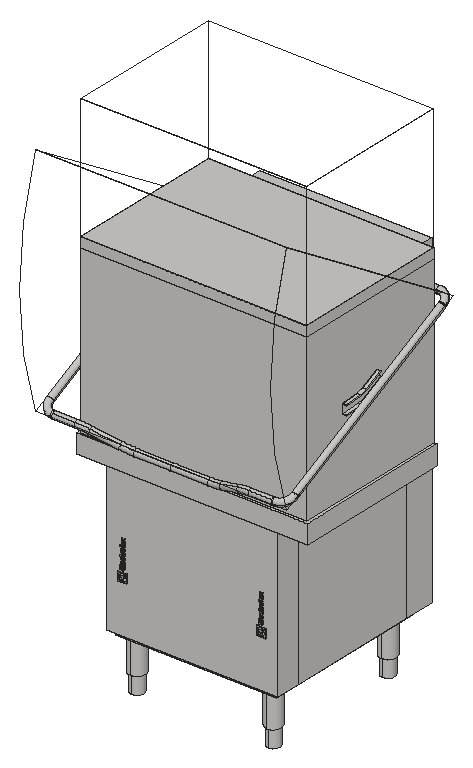
Revit family "QF_ELECTROLUXPROFESSIONAL_520517_EHT60XL", category Specialty Equipment, Revit 2018
Family settings
  Round Connector Dimension = Use Diameter
  Part Type = Normal
  Work Plane-Based = No
  Always vertical = Yes
  Cut with Voids When Loaded = No
  Shared = Yes
  Room Calculation Point = No
Parameters (values of type "Standard")
  Weight = 135.00 kg
  Watts = 0 W
  Volts = 380 V
  URL Manufacturer = "http://professional.electrolux.com"
  URL = "http://professional.electrolux.com"
  Steam Supply Size = 0"
  Steam Supply Minimum Pressure = 0.00 psi
  Steam Supply Maximum Pressure = 0.00 psi
  Steam Pounds per Hour = 0
  Show Logo [instance] = yes
  Refrigeration Suction Line Size = 0"
  Refrigeration Liquid Line Size = 0"
  Refrigerant Compressor Remote = yes
  Phase = 3
  Model = "EHT60XL"
  Manufacturer = "Electrolux Professional"
  Length Actual = 990 mm  # constant formula
  Item Number = "520517"
  Hot Water Size = 3/4"
  Height Actual = 1567 mm  # constant formula
  HP = "13.3 HP"
  Gas Size = 0"
  Gas KW = 0
  Gas Input Pressure = 0.0 Btu/h
  Direct Waste Size = 0.80709"
  Description = "HOOD TYPE XL DISHWASHER, 60R/H,KFC"
  Depth Actual = 988 mm  # constant formula
  Cycle = 50 Hz
  Condensate Return Size = 0"
  Compressed Air Volume = 0 GPM
  Compressed Air Size = 0"
  Compressed Air Pressure = 0.00 psi
  Cold Water Size = 3/4"
  Assembly Code = ""
  Show Clearance [instance] = yes
  Accessory = yes
Types (2, lengths in mm): name | URL | Phase | Model | Manufacturer | Hot Water Size | Description | Cold Water Size
  (no name) | 0 | 0 | 0 | 0 | 0" | 0 | 0"
  Standard | "http://professional.electrolux.com" | 3 | "EHT60XL" | "Electrolux Professional" | 3/4" | "HOOD TYPE XL DISHWASHER, 60R/H,KFC" | 3/4"
Values of the unnamed type that differ from the named types
  Volts = 0 V
  URL Manufacturer = ""
  Item Number = ""
  Cycle = 0 Hz
Reference planes
  plane 1 "BACK": y = -5
  plane 2: z = 0
  plane 3: x = -79
  plane 4: x = 831
  plane 5: y = -763
  plane 6 "TOP": z = 1567
  plane 7 "Center Y": x = 376
  plane 8: z = 200
  plane 9: z = 875
  plane 10: x = 107
  plane 11: x = 645
  plane 12: z = 1567
  plane 13: y = -697
  plane 14: y = -384
  plane 15: y = -132
  plane 16: z = 800
  plane 17: x = 38
  plane 18: x = 714
  plane 19: z = 220
  plane 20: z = 1510
  plane 21: x = -69
  plane 22: x = 821
  plane 23: z = 1527
  plane 24 "maniglia": z = 1400
  plane 25 "LEFT": x = -119
  plane 26 "RIGHT": x = 871
  plane 27: z = 1006
  plane 28: y = -91
  plane 29 "maniglia1": through (0, -91, 1400) normal (0, 0.4379, -0.899)
  plane 30: z = 2057
  plane 31 "FRONT": y = -993
Forms (mm)
  Revolve 1, solid, material "QF_Finishes_Stainless Steel"
    sketch origin (107, 65.912, 0) x (0, 1, 0) y (0, 0, 1)
      loop
        line (-762.913, 0) -> (-737.513, 0) -> (-737.513, 69.951) -> (-731.163, 69.951) -> (-731.163, 200) -> (-762.913, 200) -> (-762.913, 0)
      axis (-762.913, 200) -> (-762.913, 0)
    angle from 0 to 360
  Revolve 2, solid, material "QF_Finishes_Stainless Steel"
    sketch origin (107, 627.062, 0) x (0, 1, 0) y (0, 0, 1)
      loop
        line (-759.062, 0) -> (-733.662, 0) -> (-733.662, 69.951) -> (-727.312, 69.951) -> (-727.312, 200) -> (-759.062, 200) -> (-759.062, 0)
      axis (-759.062, 200) -> (-759.062, 0)
    angle from 0 to 360
  Extrusion 3, solid, material "QF_Finishes_Stainless Steel"
    sketch origin (131.25, 5, 220) x (0, -1, 0) y (-1, 0, 0)
      loop
        circle (41, -431.75) r 10.25
    from 5.4 to 0
  Extrusion 4, solid, material "QF_Finishes_Stainless Steel"
    sketch origin (121, 0, 220) x (0, -1, 0) y (-1, 0, 0)
      loop
        circle (36, -495) r 9.525
    from 0 to 5.4
  Extrusion 5, solid, material "QF_Finishes_Stainless Steel"
    sketch origin (4, -1, 196.8) x (0, -1, 0) y (-1, 0, 0)
      loop
        circle (363, -655) r 12.7
    from 2.197 to -3.2
  Revolve 6, solid, material "QF_Finishes_Stainless Steel"
    sketch origin (645, 65.912, 0) x (0, 1, 0) y (0, 0, -1)
      loop
        line (-762.912, 0) -> (-762.912, -200) -> (-731.162, -200) -> (-731.162, -69.951) -> (-737.512, -69.951) -> (-737.512, 0) -> (-762.912, 0)
      axis (-762.912, -200) -> (-762.912, 0)
    angle from 0 to 360
  Revolve 7, solid, material "QF_Finishes_Stainless Steel"
    sketch origin (645, 627.062, 0) x (0, 1, 0) y (0, 0, -1)
      loop
        line (-759.062, 0) -> (-759.062, -200) -> (-727.312, -200) -> (-727.312, -69.951) -> (-733.662, -69.951) -> (-733.662, 0) -> (-759.062, 0)
      axis (-759.062, -200) -> (-759.062, 0)
    angle from 0 to 360
  Extrusion 8, solid, material "QF_Finishes_Stainless Steel"
    sketch origin (0, 0, 0) x (1, 0, 0) y (0, 1, 0)
      loop
        line (58, -71) -> (58, -743) -> (694, -743) -> (694, -71) -> (58, -71)
    from 200 to 220
  Extrusion 9, solid, material "QF_Finishes_Stainless Steel"
    sketch origin (0, 0, 0) x (1, 0, 0) y (0, 1, 0)
      loop
        line (38, -763) -> (714, -763) -> (714, -663) -> (38, -663) -> (38, -763)
    from 220 to 800
  Extrusion 10, solid, material "QF_Finishes_Stainless Steel"
    sketch origin (0, 0, 0) x (1, 0, 0) y (0, 1, 0)
      loop
        line (38, -663) -> (714, -663) -> (714, -125) -> (38, -125) -> (38, -663)
    from 220 to 800
  Extrusion 11, solid, material "QF_Finishes_Stainless Steel"
    sketch origin (0, 0, 0) x (1, 0, 0) y (0, 1, 0)
      loop
        line (38, -5) -> (38, -125) -> (714, -125) -> (714, -5) -> (38, -5)
    from 220 to 1510
  Extrusion 12, solid, material "QF_Finishes_Stainless Steel"
    sketch origin (0, 0, 0) x (1, 0, 0) y (0, 1, 0)
      loop
        line (-79, -763) -> (831, -763) -> (831, -125) -> (-79, -125) -> (-79, -763)
    from 800 to 875
  Extrusion 13, solid, material "QF_Finishes_Stainless Steel"
    sketch origin (0, 0, 0) x (1, 0, 0) y (0, 1, 0)
      loop
        line (-69, -753) -> (821, -753) -> (821, -125) -> (-69, -125) -> (-69, -753)
    from 875 to 1527
  Extrusion 14, solid, material "QF_Finishes_Stainless Steel"
    sketch origin (0, 0, 0) x (1, 0, 0) y (0, 1, 0)
      loop
        line (-69, -753) -> (821, -753) -> (821, -125) -> (-69, -125) -> (-69, -753)
    from 1527 to 1567
  Sweep 15, solid, material "QF_Finishes_Stainless Steel"
    path origin (0, -9.187, 1439.845) x (-1, 0, 0) y (0, -0.899046, -0.437854)
      loop
        line (-714, 91) -> (-813.5, 91)
        arc (-813.5, 91) -> (-845.32, 104.18) -> (-858.5, 136) r 45
        line (-858.5, 136) -> (-858.5, 141)
    profile origin (763.75, -91, 1400) x (0, 0.899046, 0.437854) y (0, -0.437854, 0.899046)
      loop
        circle (0, 0) r 12.5
  Sweep 16, solid, material "QF_Finishes_Stainless Steel"
    path origin (0, -568.558, 1167.419) x (0, 0.899046, 0.437854) y (1, 0, 0)
      loop
        line (481.183, 858.5) -> (-323.66, 858.5)
        arc (-323.66, 858.5) -> (-355.48, 845.32) -> (-368.66, 813.5) r 45
        line (-368.66, 813.5) -> (-368.66, 808.5)
    profile origin (858.5, -135.952, 1378.107) x (-1, 0, 0) y (0, 0.437854, -0.899046)
      loop
        circle (0, 0) r 12.5
  Sweep 17, solid, material "QF_Finishes_Stainless Steel"
    path origin (0, -240.005, 246.762) x (0, -0.656059, 0.75471) y (1, 0, 0)
      loop
        line (1006, 808.5) -> (1006, 719.479)
        arc (1006, 719.479) -> (1003.163, 694.657) -> (994.798, 671.116) r 110
        line (994.798, 671.116) -> (948.73, 577.005)
        arc (948.73, 577.005) -> (939.224, 550.253) -> (936, 522.047) r 125
        line (936, 522.047) -> (936, 376)
    profile origin (763.989, -900, 1006) x (0, -0.656059, 0.75471) y (0, 0.75471, 0.656059)
      loop
        circle (0, 0) r 12.5
  Sweep 18, solid, material "QF_Finishes_Stainless Steel"
    path origin (752, -9.187, 1439.845) x (1, 0, 0) y (0, 0.899046, 0.437854)
      loop
        line (-714, -91) -> (-813.5, -91)
        arc (-813.5, -91) -> (-845.32, -104.18) -> (-858.5, -136) r 45
        line (-858.5, -136) -> (-858.5, -141)
    profile origin (-11.75, -91, 1400) x (0, -0.899046, -0.437854) y (0, -0.437854, 0.899046)
      loop
        circle (0, 0) r 12.5
  Sweep 19, solid, material "QF_Finishes_Stainless Steel"
    path origin (752, -568.558, 1167.419) x (0, 0.899046, 0.437854) y (-1, 0, 0)
      loop
        line (481.183, 858.5) -> (-323.66, 858.5)
        arc (-323.66, 858.5) -> (-355.48, 845.32) -> (-368.66, 813.5) r 45
        line (-368.66, 813.5) -> (-368.66, 808.5)
    profile origin (-106.5, -135.952, 1378.107) x (-1, 0, 0) y (0, 0.437854, -0.899046)
      loop
        circle (0, 0) r 12.5
  Sweep 20, solid, material "QF_Finishes_Stainless Steel"
    path origin (752, -240.005, 246.762) x (0, -0.656059, 0.75471) y (1, 0, 0)
      loop
        line (1006, -808.5) -> (1006, -719.479)
        arc (1006, -719.479) -> (1003.163, -694.657) -> (994.798, -671.116) r 110
        line (994.798, -671.116) -> (948.73, -577.005)
        arc (948.73, -577.005) -> (939.224, -550.253) -> (936, -522.047) r 125
        line (936, -522.047) -> (936, -376)
    profile origin (-11.989, -900, 1006) x (0, 0.656059, -0.75471) y (0, 0.75471, 0.656059)
      loop
        circle (0, 0) r 12.5
  Sweep 21, solid, material "QF_Finishes_Stainless Steel"
    path origin (821, -753, -2.5) x (0, 1, 0) y (0, 0, 1)
      loop
        line (348.342, 1247.242) -> (279.509, 1213.719)
        arc (279.509, 1213.719) -> (262.474, 1207.358) -> (244.539, 1204.36) r 95
        line (244.539, 1204.36) -> (173.152, 1199.368)
    profile origin (821, -439.075, 1227.98) x (0, 0.437854, -0.899046) y (1, 0, 0)
      loop
        line (0, 0) -> (20, 0) -> (20, 20) -> (17, 20) -> (17, 3) -> (0, 3) -> (-17, 3) -> (-17, 20) -> (-20, 20) -> (-20, 0) -> (0, 0)
  Sweep 22, solid, material "QF_Finishes_Stainless Steel"
    path origin (-69, -753, -2.5) x (0, 1, 0) y (0, 0, -1)
      loop
        line (348.342, -1247.242) -> (279.509, -1213.719)
        arc (279.509, -1213.719) -> (262.474, -1207.358) -> (244.539, -1204.36) r 95
        line (244.539, -1204.36) -> (173.152, -1199.368)
    profile origin (-69, -439.075, 1227.98) x (0, -0.437854, 0.899046) y (-1, 0, 0)
      loop
        line (0, 0) -> (20, 0) -> (20, 20) -> (17, 20) -> (17, 3) -> (0, 3) -> (-17, 3) -> (-17, 20) -> (-20, 20) -> (-20, 0) -> (0, 0)
  Extrusion 23, solid, material "QF_Finishes_Door Clearance"
    sketch origin (0, 0, 440) x (1, 0, 0) y (0, 1, 0)
      loop
        line (-69, -753) -> (821, -753) -> (821, -125) -> (-69, -125) -> (-69, -753)
    from 1127 to 1577
  Extrusion 24, solid, material "QF_Finishes_Door Clearance"
    sketch origin (0, 0, 490) x (1, 0, 0) y (0, 1, 0)
      loop
        line (-69, -753) -> (821, -753) -> (821, -125) -> (-69, -125) -> (-69, -753)
    from 1527 to 1567
  Extrusion 25, solid, material "QF_Finishes_Door Clearance"
    sketch origin (821, -753, 0) x (0, 1, 0) y (0, 0, 1)
      loop
        line (662, 1400) -> (-159.6, 1929)
        arc (-159.6, 1929) -> (-240.108, 1464.432) -> (-159.6, 999.863) r 1380.647
        line (-159.6, 999.863) -> (662, 1400)
    from -940 to 50
Cuts and joins
  joined: Sweep 15, Sweep 16, Sweep 17, Sweep 18, Sweep 19, Sweep 20
  joined: Extrusion 23, Extrusion 24
Lines and regions (mm)
  Split face 1
    outline origin (-79, -763, 0) x (1, 0, 0) y (0, 0, 1)
      loop
        line (157, 789.087) -> (157, 229.087) -> (207, 229.087) -> (207, 789.087) -> (157, 789.087)
  Split face 2
    outline origin (831, -763, 0) x (-1, 0, 0) y (0, 0, -1)
      loop
        line (157, -789.087) -> (207, -789.087) -> (207, -229.087) -> (157, -229.087) -> (157, -789.087)
  Split face 3
    outline origin (-79, -763, 0) x (1, 0, 0) y (0, 0, 1)
      loop
        arc (174, 784.144) -> (172.586, 783.558) -> (172, 782.144) r 2
        line (172, 782.144) -> (172, 766.144)
        arc (172, 766.144) -> (172.586, 764.73) -> (174, 764.144) r 2
        line (174, 764.144) -> (182, 764.144)
        arc (182, 764.144) -> (189.071, 767.073) -> (192, 774.144) r 10
        line (192, 774.144) -> (192, 782.144)
        arc (192, 782.144) -> (191.414, 783.558) -> (190, 784.144) r 2
        line (190, 784.144) -> (174, 784.144)
  Split face 4
    outline origin (467, -763, 0) x (1, 0, 0) y (0, 0, 1)
      loop
        arc (174, 784.144) -> (172.586, 783.558) -> (172, 782.144) r 2
        line (172, 782.144) -> (172, 766.144)
        arc (172, 766.144) -> (172.586, 764.73) -> (174, 764.144) r 2
        line (174, 764.144) -> (182, 764.144)
        arc (182, 764.144) -> (189.071, 767.073) -> (192, 774.144) r 10
        line (192, 774.144) -> (192, 782.144)
        arc (192, 782.144) -> (191.414, 783.558) -> (190, 784.144) r 2
        line (190, 784.144) -> (174, 784.144)
  Split face 5
    outline origin (-79, -763, 0) x (1, 0, 0) y (0, 0, 1)
      loop
        arc (164, 707.109) -> (162.586, 706.524) -> (162, 705.109) r 2
        line (162, 705.109) -> (162, 689.109)
        arc (162, 689.109) -> (162.586, 687.695) -> (164, 687.109) r 2
        line (164, 687.109) -> (200, 687.109)
        arc (200, 687.109) -> (201.414, 687.695) -> (202, 689.109) r 2
        line (202, 689.109) -> (202, 705.109)
        arc (202, 705.109) -> (201.414, 706.524) -> (200, 707.109) r 2
        line (200, 707.109) -> (164, 707.109)
  Split face 6
    outline origin (831, -763, 0) x (-1, 0, 0) y (0, 0, -1)
      loop
        line (164, -707.109) -> (200, -707.109)
        arc (200, -707.109) -> (201.414, -706.524) -> (202, -705.109) r 2
        line (202, -705.109) -> (202, -689.109)
        arc (202, -689.109) -> (201.414, -687.695) -> (200, -687.109) r 2
        line (200, -687.109) -> (164, -687.109)
        arc (164, -687.109) -> (162.586, -687.695) -> (162, -689.109) r 2
        line (162, -689.109) -> (162, -705.109)
        arc (162, -705.109) -> (162.586, -706.524) -> (164, -707.109) r 2
  Split face 7
    outline origin (-91.5, -763, -113.75) x (1, 0, 0) y (0, 0, 1)
      loop
        arc (174, 784.144) -> (172.586, 783.558) -> (172, 782.144) r 2
        line (172, 782.144) -> (172, 766.144)
        arc (172, 766.144) -> (172.586, 764.73) -> (174, 764.144) r 2
        line (174, 764.144) -> (182, 764.144)
        arc (182, 764.144) -> (189.071, 767.073) -> (192, 774.144) r 10
        line (192, 774.144) -> (192, 782.144)
        arc (192, 782.144) -> (191.414, 783.558) -> (190, 784.144) r 2
        line (190, 784.144) -> (174, 784.144)
  Split face 8
    outline origin (-66.5, -763, -113.75) x (1, 0, 0) y (0, 0, 1)
      loop
        arc (174, 784.144) -> (172.586, 783.558) -> (172, 782.144) r 2
        line (172, 782.144) -> (172, 766.144)
        arc (172, 766.144) -> (172.586, 764.73) -> (174, 764.144) r 2
        line (174, 764.144) -> (182, 764.144)
        arc (182, 764.144) -> (189.071, 767.073) -> (192, 774.144) r 10
        line (192, 774.144) -> (192, 782.144)
        arc (192, 782.144) -> (191.414, 783.558) -> (190, 784.144) r 2
        line (190, 784.144) -> (174, 784.144)
  Split face 9
    outline origin (-91.5, -763, -138.75) x (1, 0, 0) y (0, 0, 1)
      loop
        arc (174, 784.144) -> (172.586, 783.558) -> (172, 782.144) r 2
        line (172, 782.144) -> (172, 766.144)
        arc (172, 766.144) -> (172.586, 764.73) -> (174, 764.144) r 2
        line (174, 764.144) -> (182, 764.144)
        arc (182, 764.144) -> (189.071, 767.073) -> (192, 774.144) r 10
        line (192, 774.144) -> (192, 782.144)
        arc (192, 782.144) -> (191.414, 783.558) -> (190, 784.144) r 2
        line (190, 784.144) -> (174, 784.144)
  Split face 10
    outline origin (-66.5, -763, -138.75) x (1, 0, 0) y (0, 0, 1)
      loop
        arc (174, 784.144) -> (172.586, 783.558) -> (172, 782.144) r 2
        line (172, 782.144) -> (172, 766.144)
        arc (172, 766.144) -> (172.586, 764.73) -> (174, 764.144) r 2
        line (174, 764.144) -> (182, 764.144)
        arc (182, 764.144) -> (189.071, 767.073) -> (192, 774.144) r 10
        line (192, 774.144) -> (192, 782.144)
        arc (192, 782.144) -> (191.414, 783.558) -> (190, 784.144) r 2
        line (190, 784.144) -> (174, 784.144)
  Split face 11
    outline origin (-91.5, -763, -163.75) x (1, 0, 0) y (0, 0, 1)
      loop
        arc (174, 784.144) -> (172.586, 783.558) -> (172, 782.144) r 2
        line (172, 782.144) -> (172, 766.144)
        arc (172, 766.144) -> (172.586, 764.73) -> (174, 764.144) r 2
        line (174, 764.144) -> (182, 764.144)
        arc (182, 764.144) -> (189.071, 767.073) -> (192, 774.144) r 10
        line (192, 774.144) -> (192, 782.144)
        arc (192, 782.144) -> (191.414, 783.558) -> (190, 784.144) r 2
        line (190, 784.144) -> (174, 784.144)
  Split face 12
    outline origin (-66.5, -763, -163.75) x (1, 0, 0) y (0, 0, 1)
      loop
        arc (174, 784.144) -> (172.586, 783.558) -> (172, 782.144) r 2
        line (172, 782.144) -> (172, 766.144)
        arc (172, 766.144) -> (172.586, 764.73) -> (174, 764.144) r 2
        line (174, 764.144) -> (182, 764.144)
        arc (182, 764.144) -> (189.071, 767.073) -> (192, 774.144) r 10
        line (192, 774.144) -> (192, 782.144)
        arc (192, 782.144) -> (191.414, 783.558) -> (190, 784.144) r 2
        line (190, 784.144) -> (174, 784.144)
  Split face 13
    outline origin (454.5, -763, -113.75) x (1, 0, 0) y (0, 0, 1)
      loop
        arc (174, 784.144) -> (172.586, 783.558) -> (172, 782.144) r 2
        line (172, 782.144) -> (172, 766.144)
        arc (172, 766.144) -> (172.586, 764.73) -> (174, 764.144) r 2
        line (174, 764.144) -> (182, 764.144)
        arc (182, 764.144) -> (189.071, 767.073) -> (192, 774.144) r 10
        line (192, 774.144) -> (192, 782.144)
        arc (192, 782.144) -> (191.414, 783.558) -> (190, 784.144) r 2
        line (190, 784.144) -> (174, 784.144)
  Split face 14
    outline origin (479.5, -763, -113.75) x (1, 0, 0) y (0, 0, 1)
      loop
        arc (174, 784.144) -> (172.586, 783.558) -> (172, 782.144) r 2
        line (172, 782.144) -> (172, 766.144)
        arc (172, 766.144) -> (172.586, 764.73) -> (174, 764.144) r 2
        line (174, 764.144) -> (182, 764.144)
        arc (182, 764.144) -> (189.071, 767.073) -> (192, 774.144) r 10
        line (192, 774.144) -> (192, 782.144)
        arc (192, 782.144) -> (191.414, 783.558) -> (190, 784.144) r 2
        line (190, 784.144) -> (174, 784.144)
  Split face 15
    outline origin (454.5, -763, -138.75) x (1, 0, 0) y (0, 0, 1)
      loop
        arc (174, 784.144) -> (172.586, 783.558) -> (172, 782.144) r 2
        line (172, 782.144) -> (172, 766.144)
        arc (172, 766.144) -> (172.586, 764.73) -> (174, 764.144) r 2
        line (174, 764.144) -> (182, 764.144)
        arc (182, 764.144) -> (189.071, 767.073) -> (192, 774.144) r 10
        line (192, 774.144) -> (192, 782.144)
        arc (192, 782.144) -> (191.414, 783.558) -> (190, 784.144) r 2
        line (190, 784.144) -> (174, 784.144)
  Split face 16
    outline origin (479.5, -763, -138.75) x (1, 0, 0) y (0, 0, 1)
      loop
        arc (174, 784.144) -> (172.586, 783.558) -> (172, 782.144) r 2
        line (172, 782.144) -> (172, 766.144)
        arc (172, 766.144) -> (172.586, 764.73) -> (174, 764.144) r 2
        line (174, 764.144) -> (182, 764.144)
        arc (182, 764.144) -> (189.071, 767.073) -> (192, 774.144) r 10
        line (192, 774.144) -> (192, 782.144)
        arc (192, 782.144) -> (191.414, 783.558) -> (190, 784.144) r 2
        line (190, 784.144) -> (174, 784.144)
  Split face 17
    outline origin (454.5, -763, -163.75) x (1, 0, 0) y (0, 0, 1)
      loop
        arc (174, 784.144) -> (172.586, 783.558) -> (172, 782.144) r 2
        line (172, 782.144) -> (172, 766.144)
        arc (172, 766.144) -> (172.586, 764.73) -> (174, 764.144) r 2
        line (174, 764.144) -> (182, 764.144)
        arc (182, 764.144) -> (189.071, 767.073) -> (192, 774.144) r 10
        line (192, 774.144) -> (192, 782.144)
        arc (192, 782.144) -> (191.414, 783.558) -> (190, 784.144) r 2
        line (190, 784.144) -> (174, 784.144)
  Split face 18
    outline origin (479.5, -763, -163.75) x (1, 0, 0) y (0, 0, 1)
      loop
        arc (174, 784.144) -> (172.586, 783.558) -> (172, 782.144) r 2
        line (172, 782.144) -> (172, 766.144)
        arc (172, 766.144) -> (172.586, 764.73) -> (174, 764.144) r 2
        line (174, 764.144) -> (182, 764.144)
        arc (182, 764.144) -> (189.071, 767.073) -> (192, 774.144) r 10
        line (192, 774.144) -> (192, 782.144)
        arc (192, 782.144) -> (191.414, 783.558) -> (190, 784.144) r 2
        line (190, 784.144) -> (174, 784.144)
  symbolic lines
    curve 1: line (38, -5, 0) -> (714, -5, 0)
    curve 2: line (714, -5, 0) -> (714, -125, 0)
    curve 3: line (831, -125, 0) -> (831, -763, 0)
    curve 4: line (831, -763, 0) -> (-79, -763, 0)
    curve 5: line (-79, -763, 0) -> (-79, -125, 0)
    curve 6: line (-79, -125, 0) -> (831, -125, 0)
    curve 7: line (38, -125, 0) -> (38, -5, 0)
    curve 8: line (-69, -125, 0) -> (-69, -753, 0)
    curve 9: line (-69, -753, 0) -> (821, -753, 0)
    curve 10: line (821, -753, 0) -> (821, -125, 0)
    curve 11: line (-69.967, -78.5, 0) -> (38, -78.5, 0)
    curve 12: line (38, -103.5, 0) -> (-67.885, -103.5, 0)
    curve 13: arc (-67.885, -103.5, 0) -> (-85.783, -113.648, 0) -> (-94, -132.51, 0) r 32.5
    curve 14: arc (-119, -131.557, 0) -> (-103.857, -96.367, 0) -> (-69.967, -78.5, 0) r 57.5
    curve 15: line (-119, -862.917, 0) -> (-119, -131.557, 0)
    curve 16: line (-94, -132.51, 0) -> (-94, -860.943, 0)
    curve 17: arc (-94, -860.943, 0) -> (-83.083, -879.781, 0) -> (-62.724, -887.5, 0) r 32.5
    curve 18: arc (-62.948, -912.5, 0) -> (-100.144, -898.075, 0) -> (-119, -862.917, 0) r 57.5
    curve 19: line (33.327, -912.5, 0) -> (-62.948, -912.5, 0)
    curve 20: line (-62.724, -887.5, 0) -> (33.327, -887.5, 0)
    curve 21: line (376, -866.562, 0) -> (227.694, -866.562, 0)
    curve 22: line (227.648, -841.562, 0) -> (376, -841.562, 0)
    curve 23: line (84.061, -904.757, 0) -> (178.933, -874.293, 0)
    curve 24: arc (33.327, -912.5, 0) -> (58.988, -910.553, 0) -> (84.061, -904.757, 0) r 170.084
    curve 25: arc (178.933, -874.293, 0) -> (203.016, -868.553, 0) -> (227.694, -866.562, 0) r 161.488
    curve 26: arc (33.327, -887.5, 0) -> (55.17, -885.846, 0) -> (76.515, -880.923, 0) r 145.084
    curve 27: line (76.515, -880.923, 0) -> (171.29, -850.49, 0)
    curve 28: arc (171.29, -850.49, 0) -> (199.125, -843.858, 0) -> (227.648, -841.562, 0) r 186.488
    curve 29: line (821.967, -78.5, 0) -> (714, -78.5, 0)
    curve 30: line (714, -103.5, 0) -> (819.885, -103.5, 0)
    curve 31: arc (819.885, -103.5, 0) -> (837.783, -113.648, 0) -> (846, -132.51, 0) r 32.5
    curve 32: arc (871, -131.557, 0) -> (855.857, -96.367, 0) -> (821.967, -78.5, 0) r 57.5
    curve 33: line (871, -862.917, 0) -> (871, -131.557, 0)
    curve 34: line (846, -132.51, 0) -> (846, -860.943, 0)
    curve 35: arc (846, -860.943, 0) -> (835.083, -879.781, 0) -> (814.724, -887.5, 0) r 32.5
    curve 36: arc (814.948, -912.5, 0) -> (852.144, -898.075, 0) -> (871, -862.917, 0) r 57.5
    curve 37: line (718.673, -912.5, 0) -> (814.948, -912.5, 0)
    curve 38: line (814.724, -887.5, 0) -> (718.673, -887.5, 0)
    curve 39: line (376, -866.562, 0) -> (524.306, -866.562, 0)
    curve 40: line (524.352, -841.562, 0) -> (376, -841.562, 0)
    curve 41: line (667.939, -904.757, 0) -> (573.067, -874.293, 0)
    curve 42: arc (718.673, -912.5, 0) -> (693.012, -910.553, 0) -> (667.939, -904.757, 0) r 170.084
    curve 43: arc (573.067, -874.293, 0) -> (548.984, -868.553, 0) -> (524.306, -866.562, 0) r 161.488
    curve 44: arc (718.673, -887.5, 0) -> (696.83, -885.846, 0) -> (675.485, -880.923, 0) r 145.084
    curve 45: line (675.485, -880.923, 0) -> (580.71, -850.49, 0)
    curve 46: arc (580.71, -850.49, 0) -> (552.875, -843.858, 0) -> (524.352, -841.562, 0) r 186.488
  symbolic lines, style "QF-Door Swings"
    curve 47: line (-119, -862.917, 0) -> (-119, -993.108, 0)
    curve 48: line (-119, -993.108, 0) -> (871, -993.108, 0)
    curve 49: line (871, -993.108, 0) -> (871, -862.917, 0)
  symbolic lines, style "SpecialityEquipmentHiddenLines"
    curve 50: line (714, -763, 0) -> (714, -125, 0)
    curve 51: line (38, -125, 0) -> (38, -763, 0)
    curve 52: line (38, -763, 0) -> (714, -763, 0)
Dimensions and locks
  Extrusion 4 sketch curve to plane 1 "BACK" = 31 mm
  locked: plane 9 to level at 875
  Extrusion 3 sketch curve to plane 1 "BACK" = 31 mm
  Extrusion 5 sketch curve to plane 1 "BACK" = 359 mm
  plane 3 to plane 4 = 910 mm  (x2)
  locked: plane 10 to plane 11 at 538
  locked: plane 8 to level at 200
  plane 12 to level = 1567 mm
  equal spacing: plane 5, plane 14, plane 1 "BACK"
  plane 5 to plane 1 "BACK" = 758 mm
  equal spacing: plane 3, plane 7 "Center Y", plane 4
  plane 13 to plane 15 to plane 1 "BACK" = 565 mm, 127 mm
  locked: plane 9 to plane 16 at 75
  locked: plane 3 to plane 17 at 117
  locked: plane 18 to plane 4 at 117
  plane 17 to plane 18 = 676 mm
  locked: plane 19 to plane 8 at 20
  plane 12 to plane 20 = 57 mm
  plane 12 to plane 23 = 40 mm
  plane 22 to plane 21 = 890 mm
  plane 25 "LEFT" to plane 26 "RIGHT" = 990 mm
  plane 30 to level = 2057 mm  (x2)
  plane 31 "FRONT" to plane 1 "BACK" = 988 mm  (x2)
  plane 9 to Extrusion 23 = 692 mm
  plane 9 to level = 875 mm
  aligned and locked: level to plane 2
  aligned and locked: Extrusion 8 to Revolve 1
  aligned and locked: plane 5 to Extrusion 9 sketch curve
  aligned and locked: plane 16 to Extrusion 9
  aligned and locked: Extrusion 9 to plane 19
  aligned and locked: plane 19 to Extrusion 8
  aligned and locked: Extrusion 10 sketch curve to Extrusion 9
  aligned and locked: Extrusion 10 to plane 19
  aligned and locked: plane 16 to Extrusion 10
  aligned and locked: Extrusion 9 sketch curve to plane 18
  aligned and locked: plane 17 to Extrusion 9 sketch curve
  aligned and locked: Extrusion 10 sketch curve to plane 18
  aligned and locked: plane 1 "BACK" to Extrusion 11 sketch curve
  aligned and locked: Extrusion 11 sketch curve to plane 17
  aligned and locked: Extrusion 11 sketch curve to Extrusion 10  (x2)
  aligned and locked: plane 20 to Extrusion 11
  aligned and locked: Extrusion 11 to plane 19
  aligned and locked: plane 5 to Extrusion 12 sketch curve
  aligned and locked: Extrusion 12 sketch curve to plane 3
  aligned and locked: plane 4 to Extrusion 12 sketch curve
  aligned and locked: plane 9 to Extrusion 12
  aligned and locked: Extrusion 12 to plane 16
  aligned and locked: Extrusion 13 sketch curve to plane 21
  aligned and locked: plane 22 to Extrusion 13 sketch curve
  aligned and locked: Extrusion 13 to plane 9
  aligned and locked: plane 23 to Extrusion 13
  aligned and locked: Extrusion 14 sketch curve to Extrusion 13  (x4)
  aligned and locked: plane 6 "TOP" to Extrusion 14
  aligned and locked: Extrusion 14 to plane 23
  aligned and locked: Extrusion 24 sketch curve to Extrusion 23  (x4)
  aligned and locked: Extrusion 23 to Extrusion 24
Automatic sketch dimensions
  plane 7 "Center Y" to Extrusion 3 sketch curve = 187 mm
  plane 7 "Center Y" to Extrusion 4 sketch curve = 240 mm
  Extrusion 5 sketch curve to plane 11 = 14 mm
  Extrusion 10 sketch curve to plane 17 = 0 mm
  Sweep 15 sketch curve to plane 18 = 0 mm
  Sweep 15 sketch curve to plane 22 = 7.5 mm
  Sweep 15 sketch curve to plane 26 "RIGHT" = 12.5 mm
  Sweep 15 sketch curve to Sweep 15 sketch curve = 5 mm
  profile plane to Sweep 15 sketch curve = 0 mm
  Sweep 15 sketch curve to profile plane = 0 mm
  Sweep 16 sketch curve to plane 22 = 7.5 mm
  Sweep 16 sketch curve to Sweep 16 sketch curve = 45 mm
  Sweep 16 sketch curve to Sweep 16 sketch curve = 804.843 mm
  Sweep 16 sketch curve to Sweep 16 sketch curve = 5 mm
  plane 29 "maniglia1" to Sweep 16 sketch curve = 0 mm
  Sweep 16 sketch curve to profile plane = 0 mm
  Sweep 17 sketch curve to plane 7 "Center Y" = 0 mm
  Sweep 17 sketch curve to plane 18 = 5.479 mm
  Sweep 17 sketch curve to Sweep 17 sketch curve = 40 mm
  plane 11 to Sweep 17 sketch curve = 67.995 mm
  Sweep 17 sketch curve to Sweep 17 sketch curve = 12.73 mm
  Sweep 17 sketch curve to Sweep 17 sketch curve = 46.069 mm
  plane 11 to Sweep 17 sketch curve = 122.953 mm
  Sweep 17 sketch curve to plane 22 = 12.5 mm
  profile plane to Sweep 17 sketch curve = 0 mm
  Sweep 17 sketch curve to profile plane = 0 mm
  Sweep 18 sketch curve to plane 17 = 0 mm
  plane 21 to Sweep 18 sketch curve = 7.5 mm
  plane 25 "LEFT" to Sweep 18 sketch curve = 12.5 mm
  Sweep 18 sketch curve to Sweep 18 sketch curve = 5 mm
  Sweep 18 sketch curve to profile plane = 0 mm  (x2)
  Sweep 19 sketch curve to plane 21 = 7.5 mm
  Sweep 19 sketch curve to Sweep 19 sketch curve = 45 mm
  Sweep 19 sketch curve to Sweep 19 sketch curve = 804.843 mm
  Sweep 19 sketch curve to Sweep 19 sketch curve = 5 mm
  plane 29 "maniglia1" to Sweep 19 sketch curve = 0 mm
  Sweep 19 sketch curve to profile plane = 0 mm
  Sweep 20 sketch curve to plane 7 "Center Y" = 0 mm
  plane 17 to Sweep 20 sketch curve = 5.479 mm
  Sweep 20 sketch curve to Sweep 20 sketch curve = 40 mm
  Sweep 20 sketch curve to plane 10 = 67.995 mm
  Sweep 20 sketch curve to Sweep 20 sketch curve = 12.73 mm
  Sweep 20 sketch curve to Sweep 20 sketch curve = 46.069 mm
  Sweep 20 sketch curve to plane 10 = 122.953 mm
  plane 21 to Sweep 20 sketch curve = 12.5 mm
  Sweep 20 sketch curve to profile plane = 0 mm  (x2)
  Sweep 22 sketch curve to plane 14 = 131.087 mm
  Sweep 22 sketch curve to Sweep 22 sketch curve = 6.627 mm
  Sweep 22 sketch curve to Sweep 22 sketch curve = 34.969 mm
  Sweep 22 sketch curve to plane 24 "maniglia" = 103.372 mm
  Sweep 22 sketch curve to Sweep 22 sketch curve = 85.409 mm
  Sweep 22 sketch curve to Sweep 22 sketch curve = 71.388 mm
  Sweep 22 sketch curve to plane 14 = 20.658 mm
  Sweep 22 sketch curve to Sweep 22 sketch curve = 33.523 mm
  Sweep 22 sketch curve to Sweep 22 sketch curve = 4.992 mm
  Sweep 22 sketch curve to profile plane = 0 mm
  profile plane to Sweep 22 sketch curve = 0 mm  (x2)
  profile plane to Sweep 22 sketch curve = 3 mm
  profile plane to Sweep 22 sketch curve = 17 mm
  Sweep 22 sketch curve to Sweep 22 sketch curve = 3 mm  (x2)
  Sweep 22 sketch curve to profile plane = 17 mm
  Sweep 22 sketch curve to Sweep 22 sketch curve = 17 mm  (x2)
  Extrusion 23 sketch curve to plane 21 = 0 mm
  Extrusion 23 sketch curve to plane 22 = 0 mm
  Revolve 1 sketch curve to level = 0 mm  (x2)
  Revolve 1 sketch curve to plane 13 = 0 mm  (x2)
  Revolve 1 sketch curve to plane 8 = 0 mm
  level to Revolve 1 sketch curve = 69.951 mm
  Revolve 1 sketch curve to Revolve 1 sketch curve = 19.05 mm
  Revolve 2 sketch curve to level = 0 mm  (x2)
  Revolve 2 sketch curve to plane 15 = 0 mm  (x2)
  Revolve 2 sketch curve to plane 8 = 0 mm
  Revolve 2 sketch curve to plane 28 = 15.6 mm
  Revolve 2 sketch curve to Revolve 2 sketch curve = 6.35 mm
  level to Revolve 2 sketch curve = 69.951 mm
  Revolve 2 sketch curve to Revolve 2 sketch curve = 19.05 mm
  Revolve 6 sketch curve to level = 0 mm  (x2)
  Revolve 6 sketch curve to plane 13 = 0 mm  (x2)
  Revolve 6 sketch curve to plane 8 = 0 mm
  level to Revolve 6 sketch curve = 69.951 mm
  Revolve 6 sketch curve to Revolve 6 sketch curve = 19.05 mm
  Revolve 7 sketch curve to level = 0 mm  (x2)
  Revolve 7 sketch curve to plane 15 = 0 mm  (x2)
  Revolve 7 sketch curve to plane 8 = 0 mm
  Revolve 7 sketch curve to plane 28 = 15.6 mm
  Revolve 7 sketch curve to Revolve 7 sketch curve = 6.35 mm
  level to Revolve 7 sketch curve = 69.951 mm
  Revolve 7 sketch curve to Revolve 7 sketch curve = 19.05 mm
  Split face 1 sketch curve to Extrusion 9 = 9.087 mm
  Split face 1 sketch curve to Extrusion 9 = 40 mm
  Split face 1 sketch curve to Split face 1 sketch curve = 50 mm
  Split face 1 sketch curve to Extrusion 9 = 10.913 mm
  Split face 2 sketch curve to Extrusion 9 = 9.087 mm
  Split face 2 sketch curve to Extrusion 9 = 40 mm
  Split face 2 sketch curve to Split face 2 sketch curve = 50 mm
  Split face 2 sketch curve to Extrusion 9 = 10.913 mm
  Split face 3 sketch curve to Extrusion 9 = 55 mm
  Split face 3 sketch curve to Split face 3 sketch curve = 2 mm  (x3)
  Split face 3 sketch curve to Split face 3 sketch curve = 8 mm  (x3)
  Split face 3 sketch curve to Extrusion 9 = 35.856 mm
  Split face 4 sketch curve to Extrusion 9 = 75 mm
  Split face 4 sketch curve to Split face 4 sketch curve = 2 mm  (x3)
  Split face 4 sketch curve to Split face 4 sketch curve = 8 mm  (x3)
  Split face 4 sketch curve to Extrusion 9 = 35.856 mm
  Split face 5 sketch curve to Extrusion 9 = 45 mm
  Split face 5 sketch curve to Split face 5 sketch curve = 2 mm  (x3)
  Split face 5 sketch curve to Split face 5 sketch curve = 36 mm
  Split face 5 sketch curve to Split face 5 sketch curve = 0 mm
  Split face 5 sketch curve to Extrusion 9 = 112.891 mm
  Split face 5 sketch curve to Split face 5 sketch curve = 16 mm
  Split face 6 sketch curve to Extrusion 9 = 45 mm
  Split face 6 sketch curve to Split face 6 sketch curve = 2 mm  (x3)
  Split face 6 sketch curve to Split face 6 sketch curve = 36 mm
  Split face 6 sketch curve to Split face 6 sketch curve = 0 mm
  Split face 6 sketch curve to Extrusion 9 = 92.891 mm
  Split face 6 sketch curve to Split face 6 sketch curve = 16 mm
  Split face 7 sketch curve to Extrusion 9 = 42.5 mm
  Split face 7 sketch curve to Split face 7 sketch curve = 2 mm  (x3)
  Split face 7 sketch curve to Split face 7 sketch curve = 8 mm  (x3)
  Split face 7 sketch curve to Extrusion 9 = 149.606 mm
  Split face 8 sketch curve to Extrusion 9 = 67.5 mm
  Split face 8 sketch curve to Split face 8 sketch curve = 2 mm  (x3)
  Split face 8 sketch curve to Split face 8 sketch curve = 8 mm  (x3)
  Split face 8 sketch curve to Extrusion 9 = 149.606 mm
  Split face 9 sketch curve to Extrusion 9 = 42.5 mm
  Split face 9 sketch curve to Split face 9 sketch curve = 2 mm  (x3)
  Split face 9 sketch curve to Split face 9 sketch curve = 8 mm  (x3)
  Split face 9 sketch curve to Extrusion 9 = 174.606 mm
  Split face 10 sketch curve to Extrusion 9 = 67.5 mm
  Split face 10 sketch curve to Split face 10 sketch curve = 2 mm  (x3)
  Split face 10 sketch curve to Split face 10 sketch curve = 8 mm  (x3)
  Split face 10 sketch curve to Extrusion 9 = 174.606 mm
  Split face 11 sketch curve to Extrusion 9 = 42.5 mm
  Split face 11 sketch curve to Split face 11 sketch curve = 2 mm  (x3)
  Split face 11 sketch curve to Split face 11 sketch curve = 8 mm  (x3)
  Split face 11 sketch curve to Extrusion 9 = 199.606 mm
  Split face 12 sketch curve to Extrusion 9 = 67.5 mm
  Split face 12 sketch curve to Split face 12 sketch curve = 2 mm  (x3)
  Split face 12 sketch curve to Split face 12 sketch curve = 8 mm  (x3)
  Split face 12 sketch curve to Extrusion 9 = 199.606 mm
  Split face 13 sketch curve to Extrusion 9 = 87.5 mm
  Split face 13 sketch curve to Split face 13 sketch curve = 2 mm  (x3)
  Split face 13 sketch curve to Split face 13 sketch curve = 8 mm  (x3)
  Split face 13 sketch curve to Extrusion 9 = 149.606 mm
  Split face 14 sketch curve to Extrusion 9 = 62.5 mm
  Split face 14 sketch curve to Split face 14 sketch curve = 2 mm  (x3)
  Split face 14 sketch curve to Split face 14 sketch curve = 8 mm  (x3)
  Split face 14 sketch curve to Extrusion 9 = 149.606 mm
  Split face 15 sketch curve to Extrusion 9 = 87.5 mm
  Split face 15 sketch curve to Split face 15 sketch curve = 2 mm  (x3)
  Split face 15 sketch curve to Split face 15 sketch curve = 8 mm  (x3)
  Split face 15 sketch curve to Extrusion 9 = 174.606 mm
  Split face 16 sketch curve to Extrusion 9 = 62.5 mm
  Split face 16 sketch curve to Split face 16 sketch curve = 2 mm  (x3)
  Split face 16 sketch curve to Split face 16 sketch curve = 8 mm  (x3)
  Split face 16 sketch curve to Extrusion 9 = 174.606 mm
  Split face 17 sketch curve to Extrusion 9 = 87.5 mm
  Split face 17 sketch curve to Split face 17 sketch curve = 2 mm  (x3)
  Split face 17 sketch curve to Split face 17 sketch curve = 8 mm  (x3)
  Split face 17 sketch curve to Extrusion 9 = 199.606 mm
  Split face 18 sketch curve to Extrusion 9 = 62.5 mm
  Split face 18 sketch curve to Split face 18 sketch curve = 2 mm  (x3)
  Split face 18 sketch curve to Split face 18 sketch curve = 8 mm  (x3)
  Split face 18 sketch curve to Extrusion 9 = 199.606 mm
  Sweep 21 sketch curve to Extrusion 13 = 237.913 mm
  Sweep 21 sketch curve to Sweep 21 sketch curve = 6.627 mm
  Sweep 21 sketch curve to Sweep 21 sketch curve = 34.969 mm
  Extrusion 13 to Sweep 21 sketch curve = 325.14 mm
  Sweep 21 sketch curve to Sweep 21 sketch curve = 9.359 mm
  Sweep 21 sketch curve to Sweep 21 sketch curve = 71.388 mm
  Sweep 21 sketch curve to Sweep 21 sketch curve = 68.833 mm
  Sweep 21 sketch curve to Sweep 21 sketch curve = 4.992 mm
  Sweep 21 sketch curve to Sweep 21 sketch curve = 33.523 mm
  Sweep 21 sketch curve to profile plane = 0 mm  (x3)
  profile plane to Sweep 21 sketch curve = 3 mm
  Sweep 21 sketch curve to Sweep 21 sketch curve = 17 mm  (x3)
  Sweep 21 sketch curve to Sweep 21 sketch curve = 3 mm  (x2)
  Sweep 21 sketch curve to profile plane = 17 mm
  Extrusion 13 to Extrusion 25 sketch curve = 159.6 mm  (x2)
  Extrusion 13 to Extrusion 25 sketch curve = 34 mm
  Extrusion 13 to Extrusion 25 sketch curve = 62.568 mm
  Extrusion 25 sketch curve to Extrusion 25 sketch curve = 478.539 mm
  Extrusion 13 to Extrusion 25 sketch curve = 127 mm
  Extrusion 13 to Extrusion 25 sketch curve = 124.863 mm
  curve 13 to curve 14 = 0 mm  (x2)
  curve 17 to curve 18 = 0 mm  (x2)
  curve 24 to curve 26 = 0 mm  (x2)
  curve 25 to curve 28 = 0 mm  (x2)
  curve 31 to curve 32 = 0 mm  (x2)
  curve 35 to curve 36 = 0 mm  (x2)
  curve 42 to curve 44 = 0 mm  (x2)
  curve 43 to curve 46 = 0 mm  (x2)
  curve 18 to plane 25 "LEFT" = 0 mm
  curve 4 to plane 3 = 0 mm
  curve 8 to plane 21 = 0 mm
  curve 12 to plane 17 = 0 mm
  plane 5 to curve 52 = 0 mm
  curve 52 to plane 17 = 0 mm
  curve 39 to plane 7 "Center Y" = 0 mm
  curve 22 to plane 7 "Center Y" = 0 mm
  curve 29 to plane 18 = 0 mm
  curve 50 to plane 18 = 0 mm
  curve 10 to plane 22 = 0 mm
  curve 4 to plane 4 = 0 mm
  curve 48 to plane 26 "RIGHT" = 0 mm
  plane 5 to curve 5 = 0 mm
  plane 1 "BACK" to curve 2 = 0 mm
  curve 16 to plane 3 = 15 mm
  curve 11 to plane 21 = 0.967 mm
  plane 21 to curve 12 = 1.115 mm
  plane 21 to curve 19 = 6.052 mm
  plane 21 to curve 20 = 6.276 mm
  plane 21 to curve 18 = 6.953 mm
  curve 13 to plane 15 = 3.392 mm
  plane 21 to curve 13 = 7.372 mm
  plane 17 to curve 26 = 4.673 mm
  plane 10 to curve 23 = 22.939 mm
  curve 27 to plane 10 = 64.29 mm
  curve 28 to curve 23 = 7.643 mm
  curve 27 to curve 22 = 56.359 mm
  curve 22 to curve 21 = 0.046 mm
  curve 28 to plane 31 "FRONT" = 35.049 mm
  curve 28 to plane 10 = 121.305 mm
  curve 46 to plane 31 "FRONT" = 35.049 mm
  plane 11 to curve 46 = 121.305 mm
  plane 11 to curve 39 = 120.694 mm
  curve 39 to curve 40 = 0.046 mm
  curve 41 to curve 45 = 7.643 mm
  curve 41 to plane 11 = 22.939 mm
  curve 37 to plane 18 = 4.673 mm
  curve 32 to plane 22 = 7.372 mm
  curve 35 to plane 22 = 6.953 mm
  curve 38 to plane 22 = 6.276 mm
  curve 37 to plane 22 = 6.052 mm
  curve 30 to plane 22 = 1.115 mm
  plane 22 to curve 29 = 0.967 mm
  plane 4 to curve 34 = 15 mm
  curve 49 to plane 31 "FRONT" = 0.108 mm
  curve 37 to curve 42 = 7.743 mm
  curve 23 to curve 27 = 23.803 mm
  curve 32 to plane 15 = 3.392 mm
  curve 34 to plane 15 = 0.51 mm
  curve 16 to plane 15 = 0.51 mm
  plane 15 to curve 33 = 0.443 mm
  plane 15 to curve 15 = 0.443 mm
  curve 20 to curve 26 = 0 mm
  curve 38 to curve 44 = 0 mm
  Extrusion 8 sketch curve to plane 17 = 20 mm
  Sweep 20 sketch curve to Sweep 20 sketch curve = 11.202 mm
  plane 18 to Extrusion 8 sketch curve = 20 mm
  Sweep 17 sketch curve to Sweep 17 sketch curve = 11.202 mm
  curve 27 to curve 23 = 7.547 mm
  curve 43 to curve 41 = 48.761 mm
  curve 41 to curve 45 = 7.547 mm
  plane 31 "FRONT" to curve 19 = 80.5 mm
  plane 31 "FRONT" to curve 37 = 80.5 mm
  curve 36 to curve 38 = 25 mm
  curve 18 to curve 20 = 25 mm
  curve 41 to curve 41 = 30.464 mm
  curve 35 to curve 49 = 24.583 mm
  curve 17 to curve 47 = 24.583 mm
  curve 10 to plane 5 = 10 mm
  Extrusion 13 sketch curve to plane 5 = 10 mm
  Extrusion 23 sketch curve to plane 5 = 10 mm
  curve 19 to curve 23 = 7.743 mm
  Extrusion 8 sketch curve to plane 5 = 20 mm
  Revolve 1 sketch curve to plane 13 = 25.4 mm
  Revolve 1 sketch curve to Revolve 1 sketch curve = 6.35 mm
  Revolve 6 sketch curve to Revolve 6 sketch curve = 25.4 mm
  Revolve 6 sketch curve to Revolve 6 sketch curve = 6.35 mm
  Extrusion 9 sketch curve to plane 13 = 34 mm
  plane 15 to curve 3 = 7 mm
  plane 15 to Extrusion 10 sketch curve = 7 mm
  plane 15 to Extrusion 12 sketch curve = 7 mm
  plane 15 to Extrusion 13 sketch curve = 7 mm
  plane 15 to Extrusion 23 sketch curve = 7 mm
  plane 28 to Extrusion 8 sketch curve = 20 mm
  radius of Extrusion 3 sketch curve = 10.25 mm
  radius of Extrusion 4 sketch curve = 9.525 mm
  radius of Extrusion 5 sketch curve = 12.7 mm
  radius of Sweep 15 sketch curve = 12.5 mm
  radius of Sweep 16 sketch curve = 12.5 mm
  radius of Sweep 17 sketch curve = 12.5 mm
  radius of Sweep 18 sketch curve = 12.5 mm
  radius of Sweep 19 sketch curve = 12.5 mm
  radius of Sweep 20 sketch curve = 12.5 mm
Nested families
  nested 1: "ELX_Logo_S_New" at (105.5, -763, 490.4) x (0, 0, 1) z (0, -1, 0), type "ELX_Logo_S_New"
  nested 2: "ELX_Logo_Symbol.0001" at (112.25, -763, 418.553) x (0, 0, -1) z (0, -1, 0), type "ELX_Logo_Symbol.0001"
  nested 3: "ELX_Logo_S_New" at (651.5, -763, 490.4) x (0, 0, 1) z (0, -1, 0), type "ELX_Logo_S_New"
  nested 4: "ELX_Logo_Symbol.0001" at (658.25, -763, 418.553) x (0, 0, -1) z (0, -1, 0), type "ELX_Logo_Symbol.0001"
Connectors
  piping at (563, -36, 220), diameter 20.6
    settings: on Extrusion 3, index 5, connector inside diameter 0.81102", connector length 0 mm, flow factor 0, pipe flow 0 GPM, pressure drop 0.00 psi, fitting loss kfactor 0, connector angle 0.00°, fixture units 0, engagement length 0 mm, angle of deflection 0.00°, flow configuration 1, flow direction 2, fitting loss method 0, system type 16, joint type 0, gender type 0, connector reference index -1, connector utility 0, adjustable connector no, is connector primary yes, connector description "Drain"
  piping at (616, -36, 214.6), diameter 19.05, driven by "Cold Water Size"
    settings: on Extrusion 4, index 6, connector inside diameter 0.74803", connector length 0 mm, flow factor 0, pipe flow 0 GPM, pressure drop 0.00 psi, fitting loss kfactor 0, connector angle 0.00°, fixture units 0, engagement length 0 mm, angle of deflection 0.00°, flow configuration 1, flow direction 1, fitting loss method 0, system type 20, joint type 0, gender type 0, connector reference index -1, connector utility 0, adjustable connector no, is connector primary no, connector description "Cold Water Inlet"
  electrical at (659, -364, 194.603), driven by "Volts"
    settings: on Extrusion 5, index 8, voltage 380 V, apparent load 12900 VA, apparent load phase1 0 VA, apparent load phase2 0 VA, apparent load phase3 0 VA, power factor 1, load classification "Other", number of poles 1, system type 30, power factor state 1, is connector primary yes, connector utility no, sub classification motor no, connector description "Electrical Connection"
Definition of nested family "ELX_Logo_S_New"
  Parameters (values of type "ELX_Logo_S_New")
    Default Elevation = 0 mm
  Reference planes
    plane 1 "Centro (Fronte/Retro)": y = 0
    plane 2: z = 0
    plane 3 "Centro (Sinistra/Destra)": x = 0
  Forms (mm)
    Extrusion 1, solid
      sketch origin (0, 0, 0) x (1, 0, 0) y (0, 1, 0)
        loop
          line (-1219.2, 1219.2) -> (-1219.2, -1219.2) -> (1219.2, -1219.2) -> (1219.2, 1219.2) -> (-1219.2, 1219.2)
      from 0 to -304.8
    Extrusion 2, solid
      sketch origin (0, 0, 0) x (1, 0, 0) y (0, 1, 0)
        loop
          spline (-30.493, -2.083) -> (-30.751, -2.073) -> (-31.026, -2.037) -> (-31.31, -1.973) -> (-31.596, -1.875) -> (-31.877, -1.741) -> (-32.145, -1.564) -> (-32.392, -1.341) -> (-32.611, -1.068) -> (-32.795, -0.74) -> (-32.935, -0.353) -> (-33.025, 0.097) -> (-33.056, 0.614)
          line (-33.056, 0.614) -> (-33.056, 2.909) -> (-25.479, 2.909) -> (-25.479, 5.836) -> (-33.058, 5.836) -> (-33.058, 10.097) -> (-24.996, 10.097) -> (-24.996, 13.016) -> (-36.159, 13.016) -> (-36.159, 0.747)
          spline (-36.159, 0.747) -> (-36.131, -0.008) -> (-36.047, -0.719) -> (-35.904, -1.385) -> (-35.702, -2.002) -> (-35.438, -2.569) -> (-35.111, -3.082) -> (-34.72, -3.541) -> (-34.262, -3.941) -> (-33.736, -4.28) -> (-33.142, -4.557) -> (-32.476, -4.769) -> (-31.737, -4.912)
          line (-31.737, -4.912) -> (-30.519, -4.999) -> (-24.78, -4.999) -> (-24.78, -2.083) -> (-30.493, -2.083)
        loop
          line (-22.576, 4.503) -> (-22.576, -5.004) -> (-19.473, -5.004) -> (-19.473, 13.021) -> (-22.576, 13.021) -> (-22.576, 4.503)
        loop
          spline (-4.159, 0.753) -> (-4.138, 1.73) -> (-4.232, 2.674) -> (-4.436, 3.577) -> (-4.746, 4.431) -> (-5.159, 5.226) -> (-5.67, 5.955) -> (-6.275, 6.609) -> (-6.971, 7.178) -> (-7.752, 7.655) -> (-8.616, 8.03) -> (-9.559, 8.296) -> (-10.576, 8.442)
          spline (-10.576, 8.442) -> (-11.542, 8.386) -> (-12.46, 8.221) -> (-13.323, 7.951) -> (-14.124, 7.579) -> (-14.856, 7.111) -> (-15.513, 6.551) -> (-16.087, 5.902) -> (-16.572, 5.169) -> (-16.962, 4.356) -> (-17.248, 3.468) -> (-17.425, 2.507) -> (-17.485, 1.48)
          spline (-17.485, 1.48) -> (-17.427, 0.477) -> (-17.255, -0.46) -> (-16.975, -1.328) -> (-16.593, -2.122) -> (-16.113, -2.839) -> (-15.542, -3.473) -> (-14.885, -4.022) -> (-14.147, -4.48) -> (-13.334, -4.843) -> (-12.451, -5.108) -> (-11.503, -5.27) -> (-10.497, -5.325)
          spline (-10.497, -5.325) -> (-10.006, -5.313) -> (-9.521, -5.276) -> (-9.042, -5.212) -> (-8.567, -5.117) -> (-8.099, -4.99) -> (-7.637, -4.828) -> (-7.18, -4.629) -> (-6.73, -4.39) -> (-6.286, -4.109) -> (-5.848, -3.783) -> (-5.416, -3.41) -> (-4.991, -2.987)
          line (-4.991, -2.987) -> (-6.861, -1.169)
          spline (-6.861, -1.169) -> (-7.107, -1.406) -> (-7.355, -1.623) -> (-7.606, -1.821) -> (-7.863, -1.998) -> (-8.128, -2.155) -> (-8.403, -2.292) -> (-8.69, -2.409) -> (-8.993, -2.504) -> (-9.312, -2.579) -> (-9.65, -2.632) -> (-10.01, -2.665) -> (-10.394, -2.676)
          spline (-10.394, -2.676) -> (-10.955, -2.648) -> (-11.481, -2.566) -> (-11.971, -2.432) -> (-12.422, -2.248) -> (-12.83, -2.017) -> (-13.196, -1.74) -> (-13.515, -1.42) -> (-13.786, -1.059) -> (-14.006, -0.659) -> (-14.174, -0.222) -> (-14.286, 0.249) -> (-14.342, 0.753)
          line (-14.342, 0.753) -> (-4.159, 0.753)
        loop
          spline (-7.276, 2.935) -> (-7.307, 3.319) -> (-7.394, 3.688) -> (-7.536, 4.039) -> (-7.728, 4.369) -> (-7.965, 4.673) -> (-8.244, 4.948) -> (-8.561, 5.191) -> (-8.912, 5.398) -> (-9.293, 5.565) -> (-9.7, 5.689) -> (-10.129, 5.766) -> (-10.576, 5.793)
          spline (-10.576, 5.793) -> (-11.055, 5.767) -> (-11.516, 5.691) -> (-11.955, 5.569) -> (-12.369, 5.404) -> (-12.752, 5.199) -> (-13.101, 4.958) -> (-13.413, 4.684) -> (-13.683, 4.38) -> (-13.907, 4.05) -> (-14.081, 3.697) -> (-14.201, 3.324) -> (-14.264, 2.935)
          line (-14.264, 2.935) -> (-7.276, 2.935)
        loop
          spline (0.586, 1.559) -> (0.621, 2.136) -> (0.725, 2.683) -> (0.893, 3.197) -> (1.122, 3.673) -> (1.406, 4.108) -> (1.742, 4.497) -> (2.125, 4.837) -> (2.552, 5.124) -> (3.019, 5.354) -> (3.52, 5.523) -> (4.053, 5.627) -> (4.612, 5.663)
          spline (4.612, 5.663) -> (4.955, 5.652) -> (5.284, 5.62) -> (5.599, 5.567) -> (5.901, 5.494) -> (6.191, 5.401) -> (6.469, 5.289) -> (6.737, 5.158) -> (6.994, 5.008) -> (7.242, 4.841) -> (7.481, 4.656) -> (7.713, 4.453) -> (7.937, 4.234)
          line (7.937, 4.234) -> (9.859, 6.234)
          spline (9.859, 6.234) -> (9.477, 6.617) -> (9.083, 6.961) -> (8.678, 7.267) -> (8.262, 7.536) -> (7.837, 7.769) -> (7.401, 7.968) -> (6.957, 8.133) -> (6.504, 8.266) -> (6.042, 8.368) -> (5.573, 8.439) -> (5.096, 8.481) -> (4.612, 8.494)
          spline (4.612, 8.494) -> (3.643, 8.434) -> (2.714, 8.258) -> (1.834, 7.973) -> (1.012, 7.585) -> (0.256, 7.101) -> (-0.427, 6.527) -> (-1.027, 5.869) -> (-1.537, 5.135) -> (-1.948, 4.33) -> (-2.252, 3.461) -> (-2.44, 2.535) -> (-2.505, 1.559)
          spline (-2.505, 1.559) -> (-2.44, 0.582) -> (-2.252, -0.344) -> (-1.948, -1.213) -> (-1.537, -2.018) -> (-1.027, -2.752) -> (-0.427, -3.41) -> (0.256, -3.984) -> (1.012, -4.468) -> (1.834, -4.856) -> (2.714, -5.141) -> (3.643, -5.317) -> (4.612, -5.377)
          spline (4.612, -5.377) -> (5.096, -5.364) -> (5.573, -5.322) -> (6.042, -5.251) -> (6.504, -5.149) -> (6.957, -5.016) -> (7.401, -4.851) -> (7.837, -4.652) -> (8.262, -4.419) -> (8.678, -4.15) -> (9.083, -3.844) -> (9.477, -3.5) -> (9.859, -3.117)
          line (9.859, -3.117) -> (7.937, -1.117)
          spline (7.937, -1.117) -> (7.713, -1.336) -> (7.481, -1.538) -> (7.242, -1.724) -> (6.994, -1.891) -> (6.737, -2.041) -> (6.469, -2.172) -> (6.191, -2.284) -> (5.901, -2.377) -> (5.599, -2.45) -> (5.284, -2.503) -> (4.955, -2.535) -> (4.612, -2.546)
          spline (4.612, -2.546) -> (4.053, -2.51) -> (3.52, -2.406) -> (3.019, -2.237) -> (2.552, -2.007) -> (2.125, -1.72) -> (1.742, -1.38) -> (1.406, -0.991) -> (1.122, -0.556) -> (0.893, -0.08) -> (0.725, 0.434) -> (0.621, 0.981) -> (0.586, 1.559)
        loop
          spline (17.771, -2.088) -> (17.497, -2.092) -> (17.204, -2.071) -> (16.899, -2.021) -> (16.59, -1.935) -> (16.284, -1.809) -> (15.989, -1.638) -> (15.714, -1.417) -> (15.465, -1.141) -> (15.25, -0.805) -> (15.078, -0.404) -> (14.955, 0.067) -> (14.89, 0.614)
          line (14.89, 0.614) -> (14.89, 5.211) -> (17.713, 5.211) -> (17.713, 8.03) -> (14.894, 8.03) -> (14.894, 13.021) -> (11.791, 13.021) -> (11.791, 0.437)
          spline (11.791, 0.437) -> (11.858, -0.293) -> (11.978, -0.979) -> (12.153, -1.62) -> (12.385, -2.213) -> (12.675, -2.755) -> (13.024, -3.245) -> (13.435, -3.679) -> (13.907, -4.056) -> (14.443, -4.374) -> (15.045, -4.629) -> (15.713, -4.82) -> (16.45, -4.945)
          line (16.45, -4.945) -> (17.76, -5.004) -> (17.771, -2.088)
        loop
          spline (28.211, 8.211) -> (27.674, 8.244) -> (27.158, 8.235) -> (26.662, 8.184) -> (26.19, 8.093) -> (25.742, 7.964) -> (25.319, 7.797) -> (24.923, 7.595) -> (24.556, 7.358) -> (24.219, 7.088) -> (23.914, 6.786) -> (23.64, 6.453) -> (23.402, 6.092)
          line (23.402, 6.092) -> (23.402, 8.03) -> (20.324, 8.03) -> (20.324, -5.004) -> (23.402, -5.004) -> (23.402, 1.85)
          spline (23.402, 1.85) -> (23.43, 2.369) -> (23.513, 2.853) -> (23.649, 3.301) -> (23.836, 3.709) -> (24.072, 4.076) -> (24.355, 4.4) -> (24.682, 4.68) -> (25.053, 4.913) -> (25.463, 5.097) -> (25.912, 5.231) -> (26.398, 5.313) -> (26.918, 5.341)
          line (26.918, 5.341) -> (28.211, 5.211) -> (28.211, 8.211)
        loop
          spline (42.91, 1.513) -> (42.845, 2.469) -> (42.656, 3.38) -> (42.352, 4.239) -> (41.94, 5.039) -> (41.429, 5.771) -> (40.828, 6.43) -> (40.145, 7.007) -> (39.389, 7.495) -> (38.568, 7.888) -> (37.69, 8.177) -> (36.764, 8.356) -> (35.799, 8.418)
          spline (35.799, 8.418) -> (34.828, 8.356) -> (33.898, 8.177) -> (33.018, 7.888) -> (32.196, 7.495) -> (31.44, 7.007) -> (30.759, 6.43) -> (30.159, 5.771) -> (29.651, 5.039) -> (29.241, 4.239) -> (28.938, 3.38) -> (28.751, 2.469) -> (28.686, 1.513)
          spline (28.686, 1.513) -> (28.751, 0.557) -> (28.938, -0.354) -> (29.241, -1.213) -> (29.651, -2.012) -> (30.159, -2.745) -> (30.759, -3.403) -> (31.44, -3.98) -> (32.196, -4.469) -> (33.018, -4.862) -> (33.898, -5.151) -> (34.828, -5.33) -> (35.799, -5.392)
          spline (35.799, -5.392) -> (36.764, -5.33) -> (37.69, -5.151) -> (38.568, -4.862) -> (39.389, -4.469) -> (40.145, -3.98) -> (40.828, -3.403) -> (41.429, -2.745) -> (41.94, -2.012) -> (42.352, -1.213) -> (42.656, -0.354) -> (42.845, 0.557) -> (42.91, 1.513)
        loop
          spline (39.832, 1.513) -> (39.796, 2.077) -> (39.691, 2.615) -> (39.522, 3.123) -> (39.292, 3.596) -> (39.006, 4.029) -> (38.669, 4.419) -> (38.284, 4.762) -> (37.856, 5.051) -> (37.389, 5.284) -> (36.888, 5.456) -> (36.356, 5.563) -> (35.799, 5.599)
          spline (35.799, 5.599) -> (35.236, 5.563) -> (34.701, 5.456) -> (34.197, 5.284) -> (33.73, 5.051) -> (33.302, 4.762) -> (32.919, 4.419) -> (32.583, 4.029) -> (32.299, 3.596) -> (32.072, 3.123) -> (31.904, 2.615) -> (31.801, 2.077) -> (31.765, 1.513)
          spline (31.765, 1.513) -> (31.801, 0.949) -> (31.904, 0.411) -> (32.072, -0.096) -> (32.299, -0.569) -> (32.583, -1.003) -> (32.919, -1.393) -> (33.302, -1.735) -> (33.73, -2.025) -> (34.197, -2.258) -> (34.701, -2.43) -> (35.236, -2.537) -> (35.799, -2.573)
          spline (35.799, -2.573) -> (36.356, -2.537) -> (36.888, -2.43) -> (37.389, -2.258) -> (37.856, -2.025) -> (38.284, -1.735) -> (38.669, -1.393) -> (39.006, -1.003) -> (39.292, -0.569) -> (39.522, -0.096) -> (39.691, 0.411) -> (39.796, 0.949) -> (39.832, 1.513)
        loop
          line (44.818, 4.814) -> (44.818, -5.004) -> (47.923, -5.004) -> (47.923, 13.021) -> (44.818, 13.021) -> (44.818, 4.814)
        loop
          line (59.115, 8.03) -> (59.115, 0.453)
          spline (59.115, 0.453) -> (59.09, -0.039) -> (59.017, -0.483) -> (58.899, -0.88) -> (58.739, -1.23) -> (58.54, -1.536) -> (58.303, -1.797) -> (58.033, -2.015) -> (57.732, -2.191) -> (57.402, -2.326) -> (57.046, -2.421) -> (56.668, -2.477) -> (56.269, -2.495)
          spline (56.269, -2.495) -> (55.871, -2.477) -> (55.493, -2.421) -> (55.138, -2.326) -> (54.808, -2.192) -> (54.507, -2.017) -> (54.236, -1.8) -> (54, -1.541) -> (53.801, -1.238) -> (53.641, -0.891) -> (53.523, -0.499) -> (53.45, -0.06) -> (53.425, 0.426)
          line (53.425, 0.426) -> (53.425, 8.03) -> (50.296, 8.03) -> (50.296, 0.168)
          spline (50.296, 0.168) -> (50.351, -0.723) -> (50.512, -1.533) -> (50.771, -2.264) -> (51.12, -2.915) -> (51.551, -3.488) -> (52.058, -3.983) -> (52.632, -4.4) -> (53.265, -4.74) -> (53.951, -5.003) -> (54.681, -5.191) -> (55.448, -5.303) -> (56.244, -5.34)
          spline (56.244, -5.34) -> (57.047, -5.303) -> (57.82, -5.189) -> (58.556, -4.999) -> (59.248, -4.731) -> (59.887, -4.386) -> (60.465, -3.963) -> (60.976, -3.462) -> (61.412, -2.881) -> (61.764, -2.22) -> (62.025, -1.479) -> (62.187, -0.657) -> (62.243, 0.246)
          line (62.243, 0.246) -> (62.243, 8.03) -> (59.115, 8.03)
        loop
          line (73.985, -0.836) -> (72.028, 1.901) -> (74.451, 5.202) -> (76.527, 8.03) -> (73.139, 8.03) -> (70.319, 4.125) -> (67.475, 8.03) -> (64.113, 8.03) -> (66.042, 5.393) -> (68.613, 1.875) -> (65.918, -1.879) -> (63.674, -5.004) -> (67.01, -5.004) -> (70.319, -0.4) -> (73.63, -5.004) -> (76.966, -5.004) -> (73.985, -0.836)
      from 0 to 0.5
  Dimensions and locks
    aligned and locked: plane 2 to Extrusion 1
    aligned and locked: level to Extrusion 1
Definition of nested family "ELX_Logo_Symbol.0001"
  Parameters (values of type "ELX_Logo_Symbol.0001")
    Default Elevation = 0 mm
  Reference planes
    plane 1 "Centro (Fronte/Retro)": y = 0
    plane 2: z = 0
    plane 3 "Centro (Sinistra/Destra)": x = 0
  Forms (mm)
    Extrusion 1, solid
      sketch origin (0, 0, 0) x (1, 0, 0) y (0, 1, 0)
        loop
          line (-1219.2, 1219.2) -> (-1219.2, -1219.2) -> (1219.2, -1219.2) -> (1219.2, 1219.2) -> (-1219.2, 1219.2)
      from 0 to -304.8
    Extrusion 2, solid
      sketch origin (94.462, 558.781, 0) x (1, 0, 0) y (0, 1, 0)
        loop
          line (-108.635, -584.065) -> (-108.635, -552.616)
          arc (-108.635, -552.616) -> (-120.26, -568.34) -> (-108.635, -584.065) r 16.447
        loop
          arc (-107.036, -584.065) -> (-93.957, -581.092) -> (-87.656, -569.252) r 16.118
          line (-87.656, -569.252) -> (-92.858, -569.252)
          arc (-92.858, -569.252) -> (-102.153, -573.025) -> (-107.036, -581.787) r 15.108
          line (-107.036, -581.787) -> (-107.036, -584.065)
        loop
          arc (-107.036, -554.893) -> (-102.153, -563.656) -> (-92.858, -567.429) r 15.108
          line (-92.858, -567.429) -> (-87.656, -567.429)
          arc (-87.656, -567.429) -> (-93.946, -555.491) -> (-107.036, -552.212) r 16.54
          line (-107.036, -552.212) -> (-107.036, -554.893)
        loop
          line (-86.462, -585.781) -> (-86.462, -550.828) -> (-121.462, -550.828) -> (-121.462, -585.781) -> (-86.462, -585.781)
      from 0 to 0.5
  Dimensions and locks
    aligned and locked: plane 2 to Extrusion 1
    aligned and locked: level to Extrusion 1
